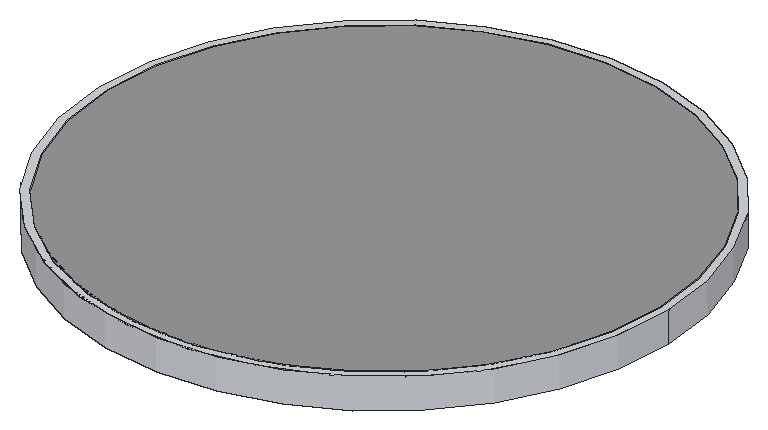
Revit family "2071289", category Lighting Fixtures, host Face, Revit 2018
Family settings
  Host = Face
  Round Connector Dimension = Use Diameter
  Part Type = Junction Box
  OmniClass Number = 23.80.70.00
  OmniClass Title = Lighting
  Cut with Voids When Loaded = No
  Light Source = Yes
  Shared = No
  Room Calculation Point = No
Parameters (values of type "2071289 COLOSSAL 1200 840 OP DIR WHT DALI")
  iner diameter = 1168 mm
  Weight = "n/a"
  Wattage Comments = ""
  Wattage = 30 W
  WarrantyStartDate [instance] = "n/a"
  WarrantyGuarantorParts = "n/a"
  WarrantyDurationUnit = "n/a"
  WarrantyDurationParts = ""
  WarrantyDescription = "http://www.sylvania-lighting.com"
  built-in parameter 1150110 = 1 (stored number, unit not read)
  Voltage = 230 V
  URL = "0.95"
  TypeName = "COLOSSAL 1200mm 840 OPAL DIR WHITE DALI"
  Type Image = <None>
  Type Comments = "n/a"
  built-in parameter 1114217 = 1 (stored number, unit not read)
  Tilt Angle = -90.00°
  built-in parameter 1150109 = 1 (stored number, unit not read)
  built-in parameter 1150134 = (empty or 0)
  built-in parameter 1150113 = 1 (stored number, unit not read)
  SerialNumber [instance] = "n/a"
  Photometric Web File = "2071289.ies"
  Material_3_SYL = LED-Sylvania
  PowerFactor = 0
  PowerConsumption = "Lighting"
  NominalLength = 1168 mm
  NominalHeight = 93 mm
  NominalDepth = 1168 mm
  Name = "COLOSSAL 1200mm 840 OPAL DIR WHITE DALI"
  ModelReference = Name  # "COLOSSAL 1200mm 840 OPAL DIR WHITE DALI"
  ModelNumber = "2071289"
  Model = Name  # "COLOSSAL 1200mm 840 OPAL DIR WHITE DALI"
  Material = "Feilo Sylvania"
  ManufacturerName = "143 lm/W"
  Manufacturer = ""
  LuminousEfficacy = ""
  built-in parameter 1150105 = 270.44 (stored number, unit not read)
  Lumens = 3398.4 lm
  LuminaireType = "0"
  built-in parameter 1150115 = 1 (stored number, unit not read)
  LightOutputRatio = "LED"
  built-in parameter 1150137 = (empty or 0)
  built-in parameter 1150139 = (empty or 0)
  LampsType = Lamp  # "n/a"
  LampNominalLuminous = "4000 K"
  LampMacAdamStep = "80"
  LampColourTemperature = "LED"
  LampColourRenderingIndex = "16500"
  built-in parameter 1150112 = 1 (stored number, unit not read)
  built-in parameter 1150114 = 1 (stored number, unit not read)
  Lamp = "n/a"
  Keynote = "n/a"
  InstallationDate [instance] = "n/a"
  InputVoltage = "0"
  InputNominalFrequency = "4000"
  built-in parameter 1150132 = (empty or 0)
  built-in parameter 1150102 = (empty or 0)
  built-in parameter 1150107 = 3000 (stored number, unit not read)
  built-in parameter 1150138 = (empty or 0)
  IngressProtection = "IfcLightFixtureType"
  ImpactProtectionIndex = "IfcLightFixtureType"
  built-in parameter 1150106 = 2.7044 (stored number, unit not read)
  IfcExportType = "IfcLightFixtureType"
  IfcExportAs = "Class I"
  Emit from Circle Diameter = 385 mm
  Emit Shape Visible in Rendering = no
  ElectricShockClassification = "143"
  built-in parameter 1150104 = 10.524 (stored number, unit not read)
  DocumentationLiterature = "http://www.sylvania-lighting.com/product/en-int/products/2071289"
  DimmingControlOptions = "n/a"
  Material_2_SYL = Polycarbonate_Sylvania_White
  Dimming Lamp Color Temperature Shift = <None>
  Description = "1200mm diameter circular architectural luminaire, can be surface mounted or suspended. Powder coated aluminium housing (RAL9016) with polycarbonate opal diffuser. Direct light distribution, 22015lm luminuous flux, 153.6W system power, 143lm/W luminiaire efficacy. DALI dimmable. Colour rendering index Ra >80, 4000K Neutral White LED, chromaticity tolerance of 3-step MacAdam ellipse. IP40/IP20, IK03. 450mA drive current. Electrical protection Class1, 220-240V. Reported lifetime 66k hours L90B10."
  Default Elevation = 1219.2 mm
  CreatedOn = "23/03/2022"
  CreatedBy = "@sylvania-lighting.com"
  Cost = 0
  Color Filter = 16777215
  built-in parameter 1114216 [instance] = (empty or 0)
  ClassificationValue = "EF_70_80"
  ClassificationName = "Uniclass2015"
  Material_1_SYL = Polycarbonate_Sylvania_Opal
  BarCode [instance] = "n/a"
  built-in parameter 1114218 = 1 (stored number, unit not read)
  built-in parameter 1150133 = 10 (stored number, unit not read)
  AssetType = "Fixed"
  AssetIdentifier [instance] = "n/a"
  Assembly Code = "D5020200"
  Apparent Load = 153.6 VA
  Material_4_SYL = none
Reference planes
  plane 1 "Center (Front/Back)": y = 0
  plane 2: z = 0
  plane 3 "Center (Left/Right)": x = 0
  plane 4: z = 1.161
  plane 5: z = 16.161
  plane 6: y = 584
  plane 7: y = -584
  plane 8: x = 85
  plane 9: x = -85
  plane 10: through (0, 0, 1219.2) normal (0.5, 0.866, 0)
  plane 11: through (42.5, 73.612, 1219.2) normal (0.5, 0.866, 0)
  plane 12: through (-42.5, -73.612, 1219.2) normal (0.5, 0.866, 0)
  plane 13: through (0, 0, 1219.2) normal (0.5, -0.866, 0)
  plane 14: through (-42.5, 73.612, 1219.2) normal (0.5, -0.866, 0)
  plane 15: through (42.5, -73.612, 1219.2) normal (0.5, -0.866, 0)
  plane 16: z = 93
  plane 17: y = 584
  plane 18: y = -584
  plane 19: y = -429
  plane 20: x = -584
  plane 21: x = 584
Forms (mm)
  Extrusion 1, solid, detail levels medium+fine
    sketch origin (0, 0, 0) x (0.866025, -0.5, 0) y (0.5, 0.866025, 0)
      loop
        circle (-50, 86.603) r 22
    from 0 to 2
  Extrusion 2, solid, detail levels medium+fine
    sketch origin (0, 0, 0) x (0.866025, -0.5, 0) y (0.5, 0.866025, 0)
      loop
        circle (100, 0) r 22
      loop
        circle (-50, -86.603) r 22
    from 0 to 2
  Extrusion 3, solid, detail levels medium+fine
    sketch origin (0, 0, 0) x (1, 0, 0) y (0, 1, 0)
      loop
        circle (0, 0) r 584
    from 30 to 93
  Extrusion 4, void
    sketch origin (0, 0, 0) x (1, 0, 0) y (0, 1, 0)
      loop
        circle (0, 0) r 568
    from 96.588 to 37.292
  Extrusion 5, solid, material "Glass, White, High Luminance", detail levels fine
    sketch origin (0, 0, 0) x (1, 0, 0) y (0, 1, 0)
      loop
        circle (0, 0) r 568
    from 88.022 to 93
  Extrusion 6, solid, detail levels coarse
    sketch origin (0, 0, 0) x (1, 0, 0) y (0, 1, 0)
      loop
        line (-584, 584) -> (-584, -584) -> (584, -584) -> (584, 584) -> (-584, 584)
    from 0 to 93
  Blend 7, solid, detail levels medium+fine
    base sketch origin (-10.814, 11.299, 29.922) x (1, 0, 0) y (0, 1, 0)
      loop
        line (-402.654, -330.622) -> (397.346, -330.622) -> (482.346, -183.398) -> (82.346, 509.423) -> (-87.654, 509.423) -> (-487.654, -183.398) -> (-402.654, -330.622)
    top sketch origin (-10.814, 11.299, 29.922) x (1, 0, 0) y (0, 1, 0)
      loop
        line (-363.391, -306.496) -> (364.632, -306.496) -> (449.632, -159.272) -> (87.132, 468.597) -> (-82.868, 468.597) -> (-445.368, -159.272) -> (-363.391, -306.496)
    from 0 to -30
Cuts and joins
  Extrusion 4 cuts Extrusion 1
  Extrusion 4 cuts Extrusion 2
  Extrusion 4 cuts Extrusion 3
Lines and regions (mm)
  model lines, detail levels medium+fine
    curve 1: circle (0, 0, 0) r 155 normal (0, 0, 1)
  reference lines
    curve 2: circle (0, 0, 0) r 489 normal (0, 0, 1)
    curve 3: circle (0, 0, 0) r 521 normal (0, 0, 1)
    curve 4: line (0, 0, 0) -> (606.218, -350, 0)
    curve 5: line (0, 0, 0) -> (0, 825, 0)
    curve 6: line (0, 0, 0) -> (-623.538, -360, 0)
    curve 7: line (639.013, -270.785, 0) -> (85, 49.075, 0)
    curve 8: line (563.718, -423.612, 0) -> (0, -98.15, 0)
    curve 9: line (85, 49.075, 0) -> (85, 825, 0)
    curve 10: line (-85, 49.075, 0) -> (-85, 825, 0)
    curve 11: line (-85, 49.075, 0) -> (-666.038, -286.388, 0)
    curve 12: line (-581.038, -433.612, 0) -> (0, -98.15, 0)
Dimensions and locks
  plane 4 to level = 1.161 mm
  locked: plane 5 to plane 4 at 15
  "NominalDepth": plane 6 to plane 7
  plane 6 to plane 1 "Center (Front/Back)" to plane 7 = 584 mm, 584 mm
  "NominalHeight": level to plane 16
  equal spacing: plane 17, plane 1 "Center (Front/Back)", plane 18
  "NominalLength": plane 20 to plane 21
  equal spacing: plane 20, plane 3 "Center (Left/Right)", plane 21
  aligned and locked: plane 2 to host face
  aligned and locked: level to host face
  aligned and locked: plane 6 to Extrusion 6
Automatic sketch dimensions
  host sketch curve to host sketch curve = 2438.4 mm  (x2)
  Extrusion 1 sketch curve to plane 3 "Center (Left/Right)" = 0 mm
  Extrusion 1 sketch curve to plane 1 "Center (Front/Back)" = 100 mm
  plane 1 "Center (Front/Back)" to Extrusion 2 sketch curve = 50 mm
  Extrusion 2 sketch curve to plane 3 "Center (Left/Right)" = 86.603 mm
  Extrusion 2 sketch curve to Extrusion 2 sketch curve = 150 mm
  Extrusion 2 sketch curve to Extrusion 2 sketch curve = 86.603 mm
  plane 1 "Center (Front/Back)" to curve 1 = 0 mm
  curve 1 to plane 3 "Center (Left/Right)" = 0 mm
  plane 1 "Center (Front/Back)" to Extrusion 3 sketch curve = 0 mm
  Extrusion 3 sketch curve to plane 3 "Center (Left/Right)" = 0 mm
  plane 1 "Center (Front/Back)" to Extrusion 4 sketch curve = 0 mm
  Extrusion 4 sketch curve to plane 3 "Center (Left/Right)" = 0 mm
  plane 1 "Center (Front/Back)" to Extrusion 5 sketch curve = 0 mm
  Extrusion 5 sketch curve to plane 3 "Center (Left/Right)" = 0 mm
  curve 2 to curve 3 = 0 mm  (x2)
  curve 11 to plane 14 = 0 mm
  curve 6 to plane 13 = 0 mm
  curve 12 to plane 15 = 0 mm
  curve 10 to plane 9 = 0 mm
  curve 12 to plane 3 "Center (Left/Right)" = 0 mm
  plane 1 "Center (Front/Back)" to curve 3 = 0 mm
  curve 3 to plane 3 "Center (Left/Right)" = 0 mm
  curve 7 to plane 8 = 0 mm
  curve 11 to plane 10 = 0 mm
  curve 12 to plane 19 = 4.612 mm
  plane 19 to curve 6 = 69 mm
  plane 19 to curve 11 = 142.612 mm
  plane 19 to curve 8 = 5.388 mm
  plane 19 to curve 4 = 79 mm
  plane 19 to curve 7 = 158.215 mm
  plane 6 to curve 5 = 241 mm
  curve 10 to curve 5 = 0 mm
  curve 5 to curve 9 = 0 mm
  plane 1 "Center (Front/Back)" to curve 6 = 0 mm
  curve 6 to plane 3 "Center (Left/Right)" = 0 mm
  Extrusion 6 sketch curve to plane 7 = 0 mm
  Extrusion 6 sketch curve to plane 6 = 0 mm
  Blend 7 sketch curve to plane 6 = 756.098 mm  (x2)
  Blend 7 sketch curve to Blend 7 sketch curve = 85 mm
  plane 3 "Center (Left/Right)" to Blend 7 sketch curve = 386.532 mm
  plane 8 to Blend 7 sketch curve = 386.532 mm
  Blend 7 sketch curve to plane 6 = 63.278 mm
  Blend 7 sketch curve to plane 6 = 731.972 mm  (x2)
  Blend 7 sketch curve to Blend 7 sketch curve = 81.977 mm
  plane 3 "Center (Left/Right)" to Blend 7 sketch curve = 353.818 mm
  plane 8 to Blend 7 sketch curve = 353.818 mm
  Blend 7 sketch curve to plane 6 = 104.104 mm
  plane 12 to curve 8 = 0 mm
  plane 19 to Blend 7 sketch curve = 109.677 mm
  plane 19 to Blend 7 sketch curve = 133.803 mm
  plane 8 to Extrusion 6 sketch curve = 499 mm
  Extrusion 6 sketch curve to plane 9 = 499 mm
  Blend 7 sketch curve to plane 8 = 13.468 mm
  Blend 7 sketch curve to plane 9 = 13.468 mm
  Blend 7 sketch curve to plane 9 = 328.468 mm
  Blend 7 sketch curve to plane 8 = 8.682 mm
  Blend 7 sketch curve to plane 9 = 8.682 mm
  Blend 7 sketch curve to plane 9 = 289.205 mm
  plane 10 to curve 4 = 0 mm
  plane 11 to curve 7 = 0 mm
  curve 12 to plane 12 = 0 mm
  curve 9 to plane 11 = 0 mm
  radius of Extrusion 1 sketch curve = 22 mm
  radius of Extrusion 2 sketch curve = 22 mm  (x2)
  radius of curve 1 = 155 mm
  radius of Extrusion 3 sketch curve = 584 mm
  radius of Extrusion 4 sketch curve = 568 mm
  radius of Extrusion 5 sketch curve = 568 mm
  radius of curve 2 = 489 mm
  radius of curve 3 = 521 mm
Connectors
  electrical at (0, 0, 30)
    settings: on cut or joined group of Extrusion 3, Extrusion 4, index 1, voltage 0 V, apparent load 0 VA, apparent load phase1 0 VA, apparent load phase2 0 VA, apparent load phase3 0 VA, power factor 1, load classification "Other", number of poles 1, system type 31, power factor state 1, is connector primary yes, connector utility no, sub classification motor no, connector description ""
